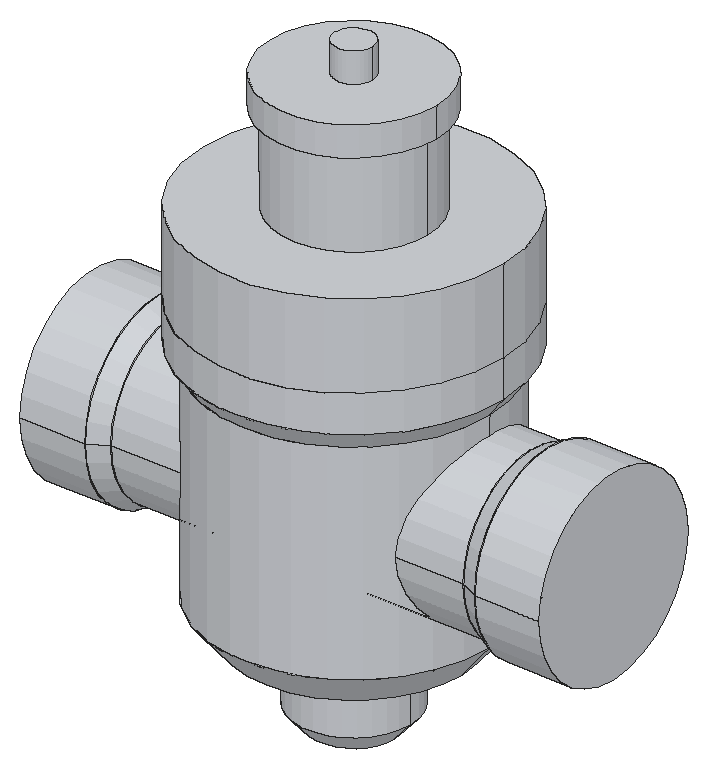
Revit family "VSX26P_DN20_PN16_RFA_2019", category Pipe Accessories, Revit 2019
Family settings
  Round Connector Dimension = Use Diameter
  Part Type = Valve - Breaks Into
  Work Plane-Based = No
  Always vertical = Yes
  Cut with Voids When Loaded = No
  Shared = No
Parameters (values of type "VSX26P G3/4  PN16 kvs6,0")
  magiProductId = ""
  magiProductFamilyId = ""
  magiPartTypeId = 306
  isMeasuringValve [instance] = no
  ang2D [instance] = 0.00°
  Z8 = 4 mm
  Z7__ve = -Z7  # -3.2 mm
  Z7 = 3.2 mm
  Z5 = 9.1 mm
  Z3 = 2 mm
  Z2 = 4.8 mm
  Z1 = 3.6 mm
  X4__ve = -X4  # -7 mm
  X4 = 7 mm
  X3 = 38 mm
  W2D = 15 mm
  VersionID = ""
  Use Minimum Symbol Size [instance] = yes
  URL = "www.hydronix.cz"
  Type Comments = "Závitový, vnější závit, ploché těsnění; LIN charakteristika; PN16; +5~+95°C; max.rychlost proudění 3,0 m/s"
  R9 = 9 mm
  R8 = 2 mm
  R7 = 16.17 mm
  R6 = 11.76 mm
  R5 = 7.409 mm
  R4 = 6.174 mm
  R3 = 4.41 mm
  R2 = 14.7 mm
  R10 = 8 mm
  R1 = 9 mm
  QmdConnectorList = "301;D;302;D"
  Productdata [instance] = ""
  Manufacturer = "Hydronix"
  MC Product Code = "VSX26P (G3/4\"; dpmax=150kPa; kvs 6,0)"
  LT2 = 21 mm
  L2D_Min = 3048 mm
  L2D = 38 mm
  H1 = 22.5 mm
  H = 26 mm
  E = 16 mm
  Description = "2 cestný regulační ventil malých spotřebičů, DN20; zdvih 2,5mm; max dp 150kPa; kvs6,0"
  DT2 = 10 mm
  D = 20 mm
  CAT0 = yes
  C = 24 mm
Types (8, lengths in mm): name | Z5 | Z2 | Z1 | X3 | R7 | R6 | R5 | R4 | R3 | R2 | R1 | MC Product Code | LT2 | H | Description | DT2 | D | C
  VSX09P G1/2  PN16 kvs0,25 | 9.45 | 4.6 | 3.45 | 34 | 14.63 | 10.64 | 6.703 | 5.586 | 3.99 | 13.3 | 6.75 | "VSX09P (G1/2\"; dpmax=250kPa; kvs 0,25)" | 19 | 27 | "2 cestný regulační ventil malých spotřebičů, DN15; zdvih 2,5mm; max dp 250kPa; kvs0,25" | 7.5 | 15 | 23
  VSX10P G1/2  PN16 kvs0,4 | 9.45 | 4.6 | 3.45 | 34 | 14.63 | 10.64 | 6.703 | 5.586 | 3.99 | 13.3 | 6.75 | "VSX10P (G1/2\"; dpmax=250kPa; kvs 0,4)" | 19 | 27 | "2 cestný regulační ventil malých spotřebičů, DN15; zdvih 2,5mm; max dp 250kPa; kvs0,4" | 7.5 | 15 | 23
  VSX11P G1/2  PN16 kvs0,6 | 9.45 | 4.6 | 3.45 | 34 | 14.63 | 10.64 | 6.703 | 5.586 | 3.99 | 13.3 | 6.75 | "VSX11P (G1/2\"; dpmax=250kPa; kvs 0,6)" | 19 | 27 | "2 cestný regulační ventil malých spotřebičů, DN15; zdvih 2,5mm; max dp 250kPa; kvs0,6" | 7.5 | 15 | 23
  VSX12P G1/2  PN16 kvs1,0 | 9.45 | 4.6 | 3.45 | 34 | 14.63 | 10.64 | 6.703 | 5.586 | 3.99 | 13.3 | 6.75 | "VSX12P (G1/2\"; dpmax=250kPa; kvs 1,0)" | 19 | 27 | "2 cestný regulační ventil malých spotřebičů, DN15; zdvih 2,5mm; max dp 250kPa; kvs1,0" | 7.5 | 15 | 23
  VSX13P G1/2  PN16 kvs1,6 | 9.45 | 4.6 | 3.45 | 34 | 14.63 | 10.64 | 6.703 | 5.586 | 3.99 | 13.3 | 6.75 | "VSX13P (G1/2\"; dpmax=250kPa; kvs 1,6)" | 19 | 27 | "2 cestný regulační ventil malých spotřebičů, DN15; zdvih 2,5mm; max dp 250kPa; kvs1,6" | 7.5 | 15 | 23
  VSX21P G3/4  PN16 kvs2,5 | 9.1 | 4.8 | 3.6 | 38 | 16.17 | 11.76 | 7.409 | 6.174 | 4.41 | 14.7 | 9 | "VSX21P (G3/4\"; dpmax=150kPa; kvs 2,5)" | 21 | 26 | "2 cestný regulační ventil malých spotřebičů, DN20; zdvih 2,5mm; max dp 150kPa; kvs2,5" | 10 | 20 | 24
  VSX24P G3/4  PN16 kvs4,0 | 9.1 | 4.8 | 3.6 | 38 | 16.17 | 11.76 | 7.409 | 6.174 | 4.41 | 14.7 | 9 | "VSX24P (G3/4\"; dpmax=150kPa; kvs 4,0)" | 21 | 26 | "2 cestný regulační ventil malých spotřebičů, DN20; zdvih 2,5mm; max dp 150kPa; kvs4,0" | 10 | 20 | 24
  VSX26P G3/4  PN16 kvs6,0 | 9.1 | 4.8 | 3.6 | 38 | 16.17 | 11.76 | 7.409 | 6.174 | 4.41 | 14.7 | 9 | "VSX26P (G3/4\"; dpmax=150kPa; kvs 6,0)" | 21 | 26 | "2 cestný regulační ventil malých spotřebičů, DN20; zdvih 2,5mm; max dp 150kPa; kvs6,0" | 10 | 20 | 24
Reference planes
  plane 1 "Center (Front/Back)": y = 0
  plane 2 "XYPLANE": z = 0
  plane 3 "Center (Left/Right)": x = 0
  plane 4 "271": z = 35.6
  plane 5 "254": z = 10.9
  plane 6 "253": z = 16.9
  plane 7 "148": z = 38.8
  plane 8 "132": z = 42
  plane 9 "62": z = 12.9
  plane 10 "53": z = 26
  plane 11 "52": z = -11.6
  plane 12 "48": z = -15.2
  plane 13 "47": z = -17.2
  plane 14 "38": z = -22
  plane 15 "37": x = 19
  plane 16 "36": x = 21
  plane 17 "23": z = -24
  plane 18 "19": x = -19
  plane 19 "15": x = -21
  plane 20 "6": x = 28
  plane 21 "5": x = -28
  plane 22 "3": z = 0
  plane 23 "2": y = 0
  plane 24 "1": x = 0
Forms (mm)
  Extrusion 1, solid, visible <- "CAT0"
    sketch origin (-750, 0, 42) x (1, 0, 0) y (0, 1, 0)
      loop
        circle (750, 0) r 2
    from 0 to -3.2 <- "Z7__ve"
  Extrusion 2, solid, visible <- "CAT0"
    sketch origin (-750, 0, 35.6) x (1, 0, 0) y (0, 1, 0)
      loop
        circle (750, 0) r 8
    from 0 to -19
  Extrusion 3, solid, visible <- "CAT0"
    sketch origin (-19, -750, 0) x (0, 1, 0) y (0, 0, 1)
      loop
        circle (750, 0) r 9
    from 0 to 38 <- "X3"
  Extrusion 4, solid
    sketch origin (-750, 0, 12.9) x (1, 0, 0) y (0, 1, 0)
      loop
        circle (750, 0) r 16.17
    from 0 to 4 <- "Z8"
  Extrusion 5, solid
    sketch origin (-750, 0, 38.8) x (1, 0, 0) y (0, 1, 0)
      loop
        circle (750, 0) r 9
    from 0 to -3.2 <- "Z7__ve"
  Extrusion 6, solid
    sketch origin (-750, 0, 16.9) x (1, 0, 0) y (0, 1, 0)
      loop
        circle (750, 0) r 16.17
    from 0 to 9.1 <- "Z5"
  Blend 7, solid
    base sketch origin (-750, 0, 10.9) x (1, 0, 0) y (0, 1, 0)
      loop
        circle (750, 0) r 14.7
    top sketch origin (-750, 0, 10.9) x (1, 0, 0) y (0, 1, 0)
      loop
        circle (750, 0) r 16.17
    from 0 to 2
  Blend 8, solid
    base sketch origin (-750, 0, -11.6) x (1, 0, 0) y (0, 1, 0)
      loop
        circle (750, 0) r 14.7
    top sketch origin (-750, 0, -11.6) x (1, 0, 0) y (0, 1, 0)
      loop
        circle (750, 0) r 11.76
    from 0 to -3.6
  Blend 9, solid
    base sketch origin (-750, 0, -15.2) x (1, 0, 0) y (0, 1, 0)
      loop
        circle (750, 0) r 7.409
    top sketch origin (-750, 0, -15.2) x (1, 0, 0) y (0, 1, 0)
      loop
        circle (750, 0) r 6.174
    from 0 to -2
  Extrusion 10, solid
    sketch origin (-750, 0, -22) x (1, 0, 0) y (0, 1, 0)
      loop
        circle (750, 0) r 6.174
    from 0 to 4.8 <- "Z2"
  Blend 11, solid
    base sketch origin (-750, 0, -24) x (1, 0, 0) y (0, 1, 0)
      loop
        circle (750, 0) r 4.41
    top sketch origin (-750, 0, -24) x (1, 0, 0) y (0, 1, 0)
      loop
        circle (750, 0) r 6.174
    from 0 to 2
  Extrusion 12, solid
    sketch origin (28, -750, 0) x (0, 1, 0) y (0, 0, 1)
      loop
        circle (750, 0) r 10
    from 0 to -7 <- "X4__ve"
  Blend 13, solid
    base sketch origin (21, -750, 0) x (0, 1, 0) y (0, 0, 1)
      loop
        circle (750, 0) r 10
    top sketch origin (21, -750, 0) x (0, 1, 0) y (0, 0, 1)
      loop
        circle (750, 0) r 9
    from 0 to -2
  Extrusion 14, solid
    sketch origin (-750, 0, -11.6) x (1, 0, 0) y (0, 1, 0)
      loop
        circle (750, 0) r 14.7
    from 0 to 22.5 <- "H1"
  Blend 15, solid
    base sketch origin (-21, -750, 0) x (0, 1, 0) y (0, 0, 1)
      loop
        circle (750, 0) r 10
    top sketch origin (-21, -750, 0) x (0, 1, 0) y (0, 0, 1)
      loop
        circle (750, 0) r 9
    from 0 to 2
  Extrusion 16, solid
    sketch origin (-28, -750, 0) x (0, 1, 0) y (0, 0, 1)
      loop
        circle (750, 0) r 10
    from 0 to 7 <- "X4"
  Extrusion 17, solid, not visible
    sketch origin (21, -750, 0) x (0, 1, 0) y (0, 0, 1)
      loop
        circle (750, 0) r 10
    from 0 to -10
  Extrusion 18, solid, not visible
    sketch origin (-21, -750, 0) x (0, 1, 0) y (0, 0, 1)
      loop
        circle (750, 0) r 10
    from 0 to 10
Lines and regions (mm)
  reference lines, not visible
    curve 1: circle (2, 2, 0) r 1 normal (0, 0, 1)
Dimensions and locks
  plane 1 "Center (Front/Back)" to curve 1 = 2 mm
  "Z7": plane 7 "148" to plane 4 "271"
  "Z3": plane 9 "62" to plane 5 "254"
  "Z5": plane 10 "53" to plane 6 "253"
  "Z7": plane 8 "132" to plane 7 "148"
  "E": plane 10 "53" to plane 8 "132"
  "Z8": plane 6 "253" to plane 9 "62"
  "H": plane 2 "XYPLANE" to plane 10 "53"
  "Z1": plane 12 "48" to plane 11 "52"
  "Z3": plane 13 "47" to plane 12 "48"
  "Z2": plane 14 "38" to plane 13 "47"
  "Z3": plane 17 "23" to plane 14 "38"
  locked: plane 16 "36" to plane 15 "37" at 2
  "LT2": plane 3 "Center (Left/Right)" to plane 16 "36"
  "C": plane 2 "XYPLANE" to plane 17 "23"
  locked: plane 19 "15" to plane 18 "19" at 2
  "LT2": plane 3 "Center (Left/Right)" to plane 19 "15"
  "X4": plane 16 "36" to plane 20 "6"
  "X4": plane 19 "15" to plane 21 "5"
  locked: plane 2 "XYPLANE" to plane 22 "3"
  locked: plane 1 "Center (Front/Back)" to plane 23 "2"
  locked: plane 3 "Center (Left/Right)" to plane 24 "1"
  "R8": radius of Extrusion 1 sketch curve
  "R10": radius of Extrusion 2 sketch curve
  "R1": radius of Extrusion 3 sketch curve
  "R7": radius of Extrusion 4 sketch curve
  "R9": radius of Extrusion 5 sketch curve
  "R7": radius of Extrusion 6 sketch curve
  "R7": radius of Blend 7 sketch curve
  "R2": radius of Blend 7 sketch curve
  "R6": radius of Blend 8 sketch curve
  "R2": radius of Blend 8 sketch curve
  "R4": radius of Blend 9 sketch curve
  "R5": radius of Blend 9 sketch curve
  "R4": radius of Extrusion 10 sketch curve
  "R4": radius of Blend 11 sketch curve
  "R3": radius of Blend 11 sketch curve
  "DT2": radius of Extrusion 12 sketch curve
  "R1": radius of Blend 13 sketch curve
  "DT2": radius of Blend 13 sketch curve
  "R2": radius of Extrusion 14 sketch curve
  "R1": radius of Blend 15 sketch curve
  "DT2": radius of Blend 15 sketch curve
  "DT2": radius of Extrusion 16 sketch curve
  aligned and locked: level to plane 2 "XYPLANE"
  aligned and locked: plane 23 "2" to Extrusion 1 sketch curve
  aligned and locked: plane 24 "1" to Extrusion 1 sketch curve
  aligned and locked: plane 23 "2" to Extrusion 2 sketch curve
  aligned and locked: plane 24 "1" to Extrusion 2 sketch curve
  aligned and locked: plane 22 "3" to Extrusion 3 sketch curve
  aligned and locked: Extrusion 3 sketch curve to plane 23 "2"
  aligned and locked: plane 23 "2" to Extrusion 4 sketch curve
  aligned and locked: plane 24 "1" to Extrusion 4 sketch curve
  aligned and locked: plane 23 "2" to Extrusion 5 sketch curve
  aligned and locked: plane 24 "1" to Extrusion 5 sketch curve
  aligned and locked: plane 23 "2" to Extrusion 6 sketch curve
  aligned and locked: plane 24 "1" to Extrusion 6 sketch curve
  aligned and locked: plane 23 "2" to Blend 7 sketch curve  (x2)
  aligned and locked: plane 24 "1" to Blend 7 sketch curve  (x2)
  aligned and locked: plane 9 "62" to Blend 7
  aligned and locked: plane 23 "2" to Blend 8 sketch curve  (x2)
  aligned and locked: plane 24 "1" to Blend 8 sketch curve  (x2)
  aligned and locked: Blend 8 to plane 12 "48"
  aligned and locked: plane 23 "2" to Blend 9 sketch curve  (x2)
  aligned and locked: plane 24 "1" to Blend 9 sketch curve  (x2)
  aligned and locked: Blend 9 to plane 13 "47"
  aligned and locked: plane 23 "2" to Extrusion 10 sketch curve
  aligned and locked: plane 24 "1" to Extrusion 10 sketch curve
  aligned and locked: plane 23 "2" to Blend 11 sketch curve  (x2)
  aligned and locked: plane 24 "1" to Blend 11 sketch curve  (x2)
  aligned and locked: plane 14 "38" to Blend 11
  aligned and locked: plane 22 "3" to Extrusion 12 sketch curve
  aligned and locked: Extrusion 12 sketch curve to plane 23 "2"
  aligned and locked: plane 22 "3" to Blend 13 sketch curve  (x2)
  aligned and locked: Blend 13 sketch curve to plane 23 "2"  (x2)
  aligned and locked: Blend 13 to plane 15 "37"
  aligned and locked: plane 23 "2" to Extrusion 14 sketch curve
  aligned and locked: plane 24 "1" to Extrusion 14 sketch curve
  aligned and locked: plane 22 "3" to Blend 15 sketch curve  (x2)
  aligned and locked: Blend 15 sketch curve to plane 23 "2"  (x2)
  aligned and locked: plane 18 "19" to Blend 15
  aligned and locked: plane 22 "3" to Extrusion 16 sketch curve
  aligned and locked: Extrusion 16 sketch curve to plane 23 "2"
  aligned and locked: plane 22 "3" to Extrusion 17 sketch curve
  aligned and locked: Extrusion 17 sketch curve to plane 23 "2"
  aligned and locked: plane 22 "3" to Extrusion 18 sketch curve
  aligned and locked: Extrusion 18 sketch curve to plane 23 "2"
Automatic sketch dimensions
  plane 1 "Center (Front/Back)" to Extrusion 17 sketch curve = 10 mm
  plane 1 "Center (Front/Back)" to Extrusion 18 sketch curve = 10 mm
  plane 3 "Center (Left/Right)" to curve 1 = 2 mm
  radius of curve 1 = 1 mm
Connectors
  piping at (-21, 0, 0), diameter 20, driven by "D"
    settings: on Extrusion 18, index 1, connector inside diameter 609.6 mm, connector length 0 mm, flow factor 0, pipe flow 0.0 L/s, pressure drop 0.0 Pa, fitting loss kfactor 0, connector angle 0.00°, fixture units 0, engagement length 0 mm, angle of deflection 0.00°, flow configuration 0, flow direction 0, fitting loss method 0, system type 29, joint type 0, gender type 0, connector reference index 2, connector utility 0, adjustable connector no, is connector primary yes, connector description ""
  piping at (21, 0, 0), diameter 20, driven by "D"
    settings: on Extrusion 17, index 2, connector inside diameter 609.6 mm, connector length 0 mm, flow factor 0, pipe flow 0.0 L/s, pressure drop 0.0 Pa, fitting loss kfactor 0, connector angle 0.00°, fixture units 0, engagement length 0 mm, angle of deflection 0.00°, flow configuration 0, flow direction 0, fitting loss method 0, system type 29, joint type 0, gender type 0, connector reference index 1, connector utility 0, adjustable connector no, is connector primary no, connector description ""
